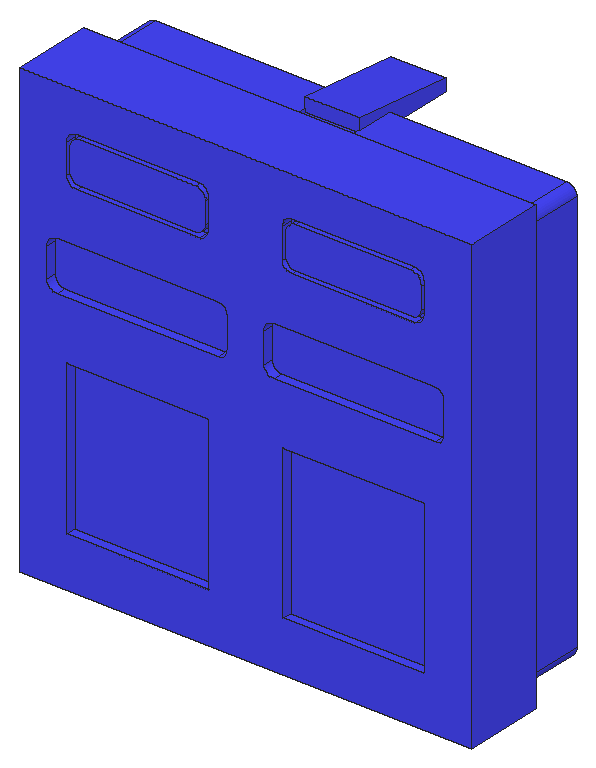
Revit family "ITK_Вставка для 2 модулей Keystone Jack_Настенный кабель-канал_IP20", category Обобщенные модели, Revit 2019
Family settings
  Может служить основой для арматурных стержней = Нет
  Размер круглого соединителя = Использовать диаметр
  Тип детали = Нормальный
  На основе рабочей плоскости = Нет
  Всегда вертикально = Да
  При загрузке вырезать с полостями = Нет
  Общий = Нет
  Точка расчета площади = Нет
Parameters (values of type "CS6-22M")
  Ширина = 45 mm
  Степень защиты = "IP20"  # constant formula
  Материал = Пластик белый
  Изготовитель = "ITK"  # constant formula
  Дата изменения = ""
  Глубина = 21.5 mm
  Высота = 45 mm
  URL = "https://www.iek.ru/"
  KSI_CPr_Строительные изделия = ""
  KSI_CMa_Строительные материалы = "01.7.14.03"  # constant formula
  IEK_Цена за единицу = 69.2
  IEK_Поиск в таблице имен = ""
  IEK_Описание = "Соответствие международным стандартам качества, что обеспечивает совместимость с компонентами для СКС и с кабелем других производителей.\r\nИзготовлены из высококачественных негорючих материалов и отличаются надежностью и удобством эксплуатации."
  IEK_URL = "https://www.itk-group.ru/produktsiya/catalog/oborudovanie_telekommunikatsionnoe/komponenty_sks_mednye/rozetki_adaptery_i_moduli_keystone/moduli_keystone_jack_informatsionnye_rozetki_rozetochnye_korpusa_i_adaptery/rozetochnye_korpusa_modulnye_vstavki_dlya_keystone_jack_i_litsevye_ramki/vstavki_dlya_modulya_keystone_jack/itk_vstavka_45kh45mm_dlya_2_kh_moduley_keystone_jack_s_markerom"
  ADSK_Примечание = ""
  ADSK_Позиция [instance] = ""
  ADSK_Наименование = "ITK Вставка 45х45мм для 2 мод. Keystone Jack с маркером"
  ADSK_Материал обозначение = ""
  ADSK_Материал наименование = "Пластик"  # constant formula
  ADSK_Масса = 0
  ADSK_Марка = ""  # constant formula
  ADSK_Код изделия = "CS6-22M"
  ADSK_Завод-изготовитель = "IEK"  # constant formula
  ADSK_Единица измерения = "шт"  # constant formula
  ADSK_Группирование = "I. ЩИТЫ И ПУЛЬТЫ"  # constant formula
  ADSK_Версия семейства = "1.0"  # constant formula
  ADSK_Версия Revit = "2019"  # constant formula
  ADSK_URL страницы изделия = "https://www.itk-group.ru/produktsiya/catalog/oborudovanie_telekommunikatsionnoe/komponenty_sks_mednye/rozetki_adaptery_i_moduli_keystone/moduli_keystone_jack_informatsionnye_rozetki_rozetochnye_korpusa_i_adaptery/rozetochnye_korpusa_modulnye_vstavki_dlya_keystone_jack_i_litsevye_ramki/vstavki_dlya_modulya_keystone_jack/"
Reference planes
  plane 1 "По центру (Вперед/Назад)": y = -11.177
  plane 2: z = 0
  plane 3 "По центру (Влево/Вправо)": x = 0
  plane 4: x = -22.5
  plane 5: x = 22.5
  plane 6: z = 45
  plane 7: y = 10.323
  plane 8: z = 22.5
  plane 9: x = -7
  plane 10: x = 7.142
Forms (mm)
  Extrusion 1, solid, material "Пластик белый", detail levels fine
    sketch origin (0, -11.177, 0) x (1, 0, 0) y (0, 0, 1)
      loop
        line (-22.5, 45) -> (-22.5, 0) -> (22.5, 0) -> (22.5, 45) -> (-22.5, 45)
    from 0 to -8
  Extrusion 2, void
    sketch origin (0, 0, 0) x (1, 0, 0) y (0, 1, 0)
      loop
        line (-21.902, -3.177) -> (-21.902, -9.703) -> (21.902, -9.703) -> (21.902, -3.177) -> (-21.902, -3.177)
    from 1 to 44
  Extrusion 3, solid, material "Пластик белый", detail levels fine
    sketch origin (0, -11.177, 0) x (1, 0, 0) y (0, 0, 1)
      loop
        line (20.502, 43.543) -> (2.712, 43.543) -> (2.712, 42.558) -> (1.356, 42.558) -> (1.356, 2.358) -> (2.766, 2.358) -> (2.766, 1.318) -> (20.512, 1.318)
        arc (20.512, 1.318) -> (21.192, 1.6) -> (21.473, 2.28) r 0.962
        line (21.473, 2.28) -> (21.473, 42.572)
        arc (21.473, 42.572) -> (21.189, 43.259) -> (20.502, 43.543) r 0.971
      loop
        arc (-21.473, 2.28) -> (-21.192, 1.6) -> (-20.512, 1.318) r 0.962
        line (-20.512, 1.318) -> (-2.766, 1.318) -> (-2.766, 2.358) -> (-1.356, 2.358) -> (-1.356, 42.558) -> (-2.712, 42.558) -> (-2.712, 43.543) -> (-20.502, 43.543)
        arc (-20.502, 43.543) -> (-21.189, 43.259) -> (-21.473, 42.572) r 0.971
        line (-21.473, 42.572) -> (-21.473, 2.28)
      loop
        line (20.604, 28.931) -> (2.123, 28.931) -> (2.123, 3.931) -> (20.604, 3.931) -> (20.604, 28.931)
      loop
        line (-20.604, 28.931) -> (-20.604, 3.931) -> (-2.123, 3.931) -> (-2.123, 28.931) -> (-20.604, 28.931)
    from -14.4 to -1.474
  Extrusion 4, solid, material "Пластик белый", detail levels fine
    sketch origin (0, 0, 0) x (0, 1, 0) y (0, 0, 1)
      loop
        line (3.223, 42.239) -> (10.323, 42.239) -> (10.323, 43.49) -> (-0.373, 44.614) -> (-0.373, 43.248) -> (-6.622, 43.248) -> (-6.622, 42.239) -> (3.223, 42.239)
      loop
        line (3.223, 2.761) -> (-6.622, 2.761) -> (-6.622, 1.752) -> (-0.373, 1.752) -> (-0.373, 0.386) -> (10.323, 1.51) -> (10.323, 2.761) -> (3.223, 2.761)
    from -2.712 to 2.712
  Extrusion 5, void
    sketch origin (0, -11.177, 0) x (1, 0, 0) y (0, 0, 1)
      loop
        arc (-3.674, 40.05) -> (-3.973, 40.771) -> (-4.695, 41.07) r 1.021
        line (-4.695, 41.07) -> (-16.796, 41.07)
        arc (-16.796, 41.07) -> (-17.517, 40.771) -> (-17.816, 40.05) r 1.021
        line (-17.816, 40.05) -> (-17.816, 37.022)
        arc (-17.816, 37.022) -> (-17.537, 36.349) -> (-16.864, 36.07) r 0.952
        line (-16.864, 36.07) -> (-4.626, 36.07)
        arc (-4.626, 36.07) -> (-3.953, 36.349) -> (-3.674, 37.022) r 0.952
        line (-3.674, 37.022) -> (-3.674, 40.05)
      loop
        arc (-18.783, 31.07) -> (-19.515, 30.767) -> (-19.818, 30.035) r 1.035
        line (-19.818, 30.035) -> (-19.818, 27.087)
        arc (-19.818, 27.087) -> (-19.52, 26.368) -> (-18.801, 26.07) r 1.017
        line (-18.801, 26.07) -> (-2.766, 26.07)
        arc (-2.766, 26.07) -> (-2.093, 26.349) -> (-1.815, 27.022) r 0.952
        line (-1.815, 27.022) -> (-1.815, 30.05)
        arc (-1.815, 30.05) -> (-2.114, 30.771) -> (-2.835, 31.07) r 1.021
        line (-2.835, 31.07) -> (-18.783, 31.07)
      loop
        line (-17.816, 20.272) -> (-17.816, 5) -> (-3.674, 5) -> (-3.674, 20.272) -> (-17.816, 20.272)
      loop
        line (3.674, 40.05) -> (3.674, 37.022)
        arc (3.674, 37.022) -> (3.953, 36.349) -> (4.626, 36.07) r 0.952
        line (4.626, 36.07) -> (16.864, 36.07)
        arc (16.864, 36.07) -> (17.537, 36.349) -> (17.816, 37.022) r 0.952
        line (17.816, 37.022) -> (17.816, 40.05)
        arc (17.816, 40.05) -> (17.517, 40.771) -> (16.796, 41.07) r 1.021
        line (16.796, 41.07) -> (4.695, 41.07)
        arc (4.695, 41.07) -> (3.973, 40.771) -> (3.674, 40.05) r 1.021
      loop
        line (18.783, 31.07) -> (2.835, 31.07)
        arc (2.835, 31.07) -> (2.114, 30.771) -> (1.815, 30.05) r 1.021
        line (1.815, 30.05) -> (1.815, 27.022)
        arc (1.815, 27.022) -> (2.093, 26.349) -> (2.766, 26.07) r 0.952
        line (2.766, 26.07) -> (18.851, 26.07)
        arc (18.851, 26.07) -> (19.524, 26.349) -> (19.803, 27.022) r 0.952
        line (19.803, 27.022) -> (19.803, 30.05)
        arc (19.803, 30.05) -> (19.504, 30.771) -> (18.783, 31.07) r 1.021
      loop
        line (17.816, 20.272) -> (3.674, 20.272) -> (3.674, 5) -> (17.816, 5) -> (17.816, 20.272)
    from 0 to -1
  Extrusion 6, solid, material "Пластик синий", detail levels fine
    sketch origin (0, -11.177, 0) x (1, 0, 0) y (0, 0, 1)
      loop
        arc (-16.508, 40.617) -> (-17.225, 40.32) -> (-17.522, 39.602) r 1.014
        line (-17.522, 39.602) -> (-17.522, 37.458)
        arc (-17.522, 37.458) -> (-17.242, 36.783) -> (-16.567, 36.503) r 0.955
        line (-16.567, 36.503) -> (-4.96, 36.503)
        arc (-4.96, 36.503) -> (-4.284, 36.783) -> (-4.005, 37.458) r 0.955
        line (-4.005, 37.458) -> (-4.005, 39.602)
        arc (-4.005, 39.602) -> (-4.302, 40.32) -> (-5.019, 40.617) r 1.014
        line (-5.019, 40.617) -> (-16.508, 40.617)
    from -1 to 0
  Extrusion 7, solid, detail levels coarse+medium
    sketch origin (0, 0, 0) x (1, 0, 0) y (0, 1, 0)
      loop
        line (22.5, 10.323) -> (-22.5, 10.323) -> (-22.5, -11.177) -> (22.5, -11.177) -> (22.5, 10.323)
    from 0 to 45 <- "Высота"
  Extrusion 8, solid, material "Пластик красный", detail levels fine
    sketch origin (0, -11.177, 0) x (-1, 0, 0) y (0, 0, -1)
      loop
        line (-16.508, -40.617) -> (-5.019, -40.617)
        arc (-5.019, -40.617) -> (-4.302, -40.32) -> (-4.005, -39.602) r 1.014
        line (-4.005, -39.602) -> (-4.005, -37.458)
        arc (-4.005, -37.458) -> (-4.284, -36.783) -> (-4.96, -36.503) r 0.955
        line (-4.96, -36.503) -> (-16.567, -36.503)
        arc (-16.567, -36.503) -> (-17.242, -36.783) -> (-17.522, -37.458) r 0.955
        line (-17.522, -37.458) -> (-17.522, -39.602)
        arc (-17.522, -39.602) -> (-17.225, -40.32) -> (-16.508, -40.617) r 1.014
    from -1 to 0
Cuts and joins
  Extrusion 2, Extrusion 5 cuts Extrusion 1
  Extrusion 5 cuts Extrusion 3
Dimensions and locks
  "Высота": plane 6 to level
  equal spacing: plane 5, plane 3 "По центру (Влево/Вправо)", plane 4
  "Ширина": plane 5 to plane 4
  "Глубина": plane 1 "По центру (Вперед/Назад)" to plane 7
  locked: plane 4 to cut or joined group of Extrusion 1, Extrusion 2, Extrusion 5 at 0.598
  locked: cut or joined group of Extrusion 1, Extrusion 2, Extrusion 5 to plane 5 at 0.598
  locked: Extrusion 3 sketch curve to plane 5 at 1.027
  aligned and locked: level to plane 2
  aligned and locked: Extrusion 1 sketch curve to plane 4
  aligned and locked: Extrusion 1 sketch curve to plane 6
  aligned and locked: Extrusion 1 sketch curve to plane 5
  aligned and locked: Extrusion 1 sketch curve to level
  aligned and locked: Extrusion 2 sketch curve to Extrusion 1
  aligned and locked: cut or joined group of Extrusion 1, Extrusion 2, Extrusion 5 to Extrusion 3
  aligned and locked: Extrusion 4 to Extrusion 3
  aligned and locked: Extrusion 5 sketch curve to Extrusion 5 sketch curve  (x2)
  aligned and locked: Extrusion 7 sketch curve to plane 5
  aligned and locked: Extrusion 7 sketch curve to plane 4
  aligned and locked: Extrusion 7 sketch curve to plane 1 "По центру (Вперед/Назад)"
  aligned and locked: Extrusion 7 sketch curve to plane 7
Automatic sketch dimensions
  plane 4 to Extrusion 2 sketch curve = 0.598 mm
  Extrusion 2 sketch curve to plane 5 = 0.598 mm
  Extrusion 2 sketch curve to plane 1 "По центру (Вперед/Назад)" = 1.474 mm
  Extrusion 4 sketch curve to plane 7 = 0 mm  (x2)
  plane 6 to Extrusion 4 sketch curve = 2.761 mm
  Extrusion 4 sketch curve to plane 7 = 7.1 mm  (x2)
  level to Extrusion 4 sketch curve = 2.761 mm
  level to Extrusion 4 sketch curve = 1.752 mm
  Extrusion 4 sketch curve to Extrusion 4 sketch curve = 3.597 mm  (x2)
  plane 6 to Extrusion 4 sketch curve = 0.386 mm
  plane 6 to Extrusion 4 sketch curve = 1.752 mm
  Extrusion 4 sketch curve to plane 1 "По центру (Вперед/Назад)" = 4.555 mm  (x2)
  Extrusion 4 sketch curve to Extrusion 4 sketch curve = 1.25 mm  (x2)
  level to Extrusion 4 sketch curve = 0.386 mm
  plane 4 to Extrusion 5 sketch curve = 2.682 mm
  Extrusion 5 sketch curve to Extrusion 5 sketch curve = 1.017 mm
  Extrusion 5 sketch curve to Extrusion 5 sketch curve = 1.035 mm
  Extrusion 5 sketch curve to plane 8 = 2.228 mm  (x2)
  plane 4 to Extrusion 5 sketch curve = 4.684 mm  (x2)
  Extrusion 5 sketch curve to Extrusion 5 sketch curve = 0.952 mm  (x6)
  Extrusion 5 sketch curve to Extrusion 5 sketch curve = 1.021 mm  (x3)
  plane 9 to Extrusion 5 sketch curve = 2.305 mm
  plane 9 to Extrusion 5 sketch curve = 2.374 mm
  plane 9 to Extrusion 5 sketch curve = 3.326 mm
  Extrusion 5 sketch curve to plane 3 "По центру (Влево/Вправо)" = 2.835 mm
  Extrusion 5 sketch curve to plane 3 "По центру (Влево/Вправо)" = 2.766 mm
  plane 3 "По центру (Влево/Вправо)" to Extrusion 5 sketch curve = 1.815 mm
  Extrusion 5 sketch curve to plane 10 = 3.468 mm
  Extrusion 5 sketch curve to plane 5 = 5.704 mm
  Extrusion 5 sketch curve to Extrusion 5 sketch curve = 0.069 mm
  Extrusion 5 sketch curve to plane 5 = 4.684 mm
  Extrusion 5 sketch curve to plane 5 = 3.717 mm
  Extrusion 5 sketch curve to plane 5 = 3.649 mm
  level to Extrusion 5 sketch curve = 5 mm  (x2)
  plane 8 to Extrusion 5 sketch curve = 3.57 mm  (x2)
  Extrusion 5 sketch curve to Extrusion 5 sketch curve = 2.948 mm
  Extrusion 5 sketch curve to Extrusion 5 sketch curve = 3.028 mm  (x3)
  Extrusion 5 sketch curve to Extrusion 5 sketch curve = 5 mm  (x2)
  plane 4 to Extrusion 6 sketch curve = 4.978 mm
  Extrusion 6 sketch curve to Extrusion 6 sketch curve = 0.955 mm  (x2)
  Extrusion 6 sketch curve to Extrusion 6 sketch curve = 1.014 mm
  Extrusion 6 sketch curve to plane 3 "По центру (Влево/Вправо)" = 5.019 mm
  Extrusion 6 sketch curve to Extrusion 6 sketch curve = 0.059 mm
  plane 6 to Extrusion 6 sketch curve = 8.497 mm
  Extrusion 6 sketch curve to Extrusion 6 sketch curve = 2.145 mm
  plane 5 to Extrusion 8 sketch curve = 4.978 mm
  Extrusion 8 sketch curve to Extrusion 8 sketch curve = 0.955 mm  (x2)
  Extrusion 8 sketch curve to Extrusion 8 sketch curve = 1.014 mm
  Extrusion 8 sketch curve to plane 3 "По центру (Влево/Вправо)" = 5.019 mm
  Extrusion 8 sketch curve to Extrusion 8 sketch curve = 0.059 mm
  Extrusion 8 sketch curve to plane 6 = 8.497 mm
  Extrusion 8 sketch curve to Extrusion 8 sketch curve = 2.145 mm
  Extrusion 3 sketch curve to Extrusion 3 sketch curve = 0.87 mm
  Extrusion 3 sketch curve to Extrusion 3 sketch curve = 0.962 mm  (x2)
  Extrusion 3 sketch curve to Extrusion 3 sketch curve = 0.971 mm  (x2)
  level to Extrusion 3 sketch curve = 1.318 mm  (x2)
  Extrusion 3 sketch curve to plane 3 "По центру (Влево/Вправо)" = 2.766 mm
  Extrusion 3 sketch curve to plane 3 "По центру (Влево/Вправо)" = 2.712 mm
  Extrusion 3 sketch curve to plane 3 "По центру (Влево/Вправо)" = 2.123 mm
  Extrusion 3 sketch curve to plane 3 "По центру (Влево/Вправо)" = 1.356 mm
  plane 3 "По центру (Влево/Вправо)" to Extrusion 3 sketch curve = 1.356 mm
  Extrusion 3 sketch curve to Extrusion 3 sketch curve = 0.767 mm
  Extrusion 3 sketch curve to Extrusion 3 sketch curve = 1.356 mm
  Extrusion 3 sketch curve to Extrusion 3 sketch curve = 1.41 mm
  Extrusion 3 sketch curve to plane 5 = 1.896 mm
  Extrusion 3 sketch curve to Extrusion 3 sketch curve = 1.04 mm  (x2)
  Extrusion 3 sketch curve to Extrusion 3 sketch curve = 1.652 mm
  Extrusion 3 sketch curve to Extrusion 3 sketch curve = 1.573 mm
  plane 8 to Extrusion 3 sketch curve = 6.431 mm
  Extrusion 3 sketch curve to Extrusion 3 sketch curve = 0 mm
  plane 6 to Extrusion 3 sketch curve = 2.442 mm  (x2)
  plane 6 to Extrusion 3 sketch curve = 2.428 mm  (x2)
  plane 4 to Extrusion 3 sketch curve = 1.998 mm
